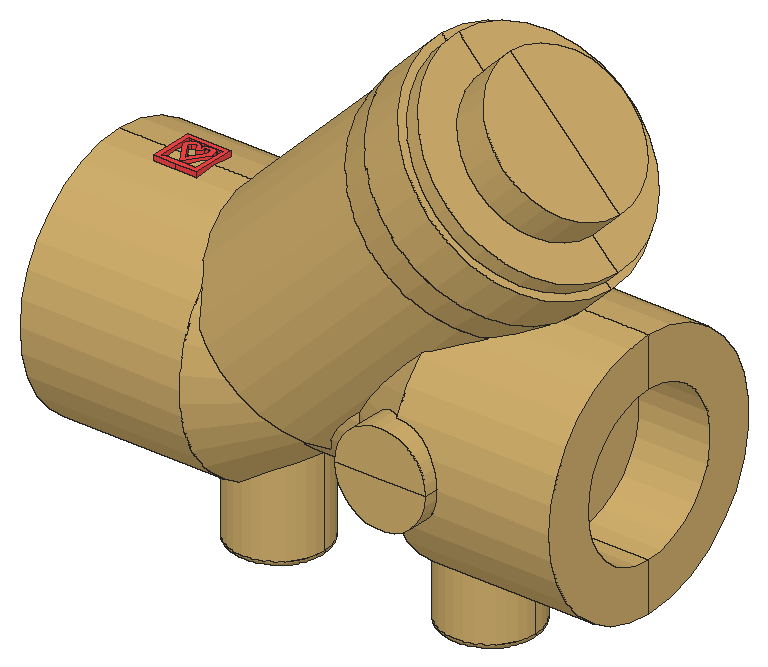
Revit family "Фильтр-грязевик 4111", category Rohrzubehör, Revit 2021
Family settings
  Bemaßung runder Anschluss = Durchmesser verwenden
  Teiletyp = Unterbricht
  OmniClass-Nummer = 23.65.55.14
  OmniClass-Titel = Valves for Liquid Services
  Arbeitsebenenbasiert = Nein
  Immer vertikal = Ja
  Beim Laden mit Abzugskörper schneiden = Nein
  Gemeinsam genutzt = Nein
Parameters
  Номер заказа [instance] = size_lookup("4111_", "Artnr", 0, Nennweite)  # 1411114
  Макс. рабочая температура = 110 °C  # constant formula
  W01 = 45.00°  # constant formula
  Vorgabe-Ansicht = 0.000 mm
  URL = "www.herz-armaturen.ru"
  Заглушка = "штампованная латунь CW 617N"  # constant formula
  Фильтрующий элемент = "нержавеющая сталь, размер ячейки 0,75 мм"  # constant formula
  SW02 [instance] = size_lookup("4111_", "SW2", 11.000 mm, Nennweite)  # 8.500 mm
  SW01 [instance] = size_lookup("4111_", "SW1", 16.000 mm, Nennweite)  # 16.000 mm
  SCTWSEQ = "AW;SBT_TYP_AW=\"112\";2"
  SCTWCODE = "04;16;02"  # constant formula
  SCRNSEQ = "AWI;AWI_TYP=\"1011\";2"
  SCRNCODE = "05;15;02"  # constant formula
  S01 [instance] = R01 * 2  # 52.000 mm
  R100 = 1.000 mm  # constant formula
  R10 [instance] = size_lookup("4111_", "R10", 8.500 mm, Nennweite)  # 6.950 mm
  R09 [instance] = size_lookup("4111_", "R9", 30.000 mm, Nennweite)  # 15.000 mm
  R08 [instance] = R07 - 1.500 mm  # 23.500 mm
  R07 [instance] = size_lookup("4111_", "R7", 46.500 mm, Nennweite)  # 25.000 mm
  R06 [instance] = size_lookup("4111_", "R6", 43.000 mm, Nennweite)  # 24.000 mm
  R05 [instance] = Nennweite / 2  # 16.000 mm
  R04 [instance] = size_lookup("4111_", "R4", 11.500 mm, Nennweite)  # 9.500 mm
  R03 = 9.500 mm  # constant formula
  R02 [instance] = Nennweite / 2  # 16.000 mm
  R01 [instance] = (Nennweite / 2) + 10.000 mm  # 26.000 mm
  PN [instance] = size_lookup("4111_", "PN", 16, Nennweite)  # 25
  Nennweite [instance] = 32.000 mm
  Среда = "Качество теплоносителя в соответствии с ÖNORM H5195 и/или предписаниями VDI-Standard 2035.\nРазрешается использование смеси этилен или пропиленгликоля в соотношении 25-50% с водой. Пожалуйста, обратитесь к документации производителя, при использовании этиленгликоля и пропиленгликоля в целях защиты от замерзания. Прокладки EPDM могут быть подвержены воздействию минеральных смазочных масел, что может служить причиной выхода из строя данных уплотнений."
  L16 [instance] = L03 - 4.500 mm  # 10.500 mm
  L15 [instance] = R01 - 1.000 mm  # 25.000 mm
  L14 [instance] = L06 - L08  # 7.300 mm
  L13 [instance] = size_lookup("4111_", "L13", 4.000 mm, Nennweite)  # 3.500 mm
  L12 = 0.800 mm  # constant formula
  L11 [instance] = size_lookup("4111_", "L11", 11.000 mm, Nennweite)  # 8.000 mm
  L10 = 3.500 mm  # constant formula
  L09 [instance] = size_lookup("4111_", "L9", 11.000 mm, Nennweite)  # 10.000 mm
  L08 [instance] = size_lookup("4111_", "L8", 35.000 mm, Nennweite)  # 52.700 mm
  L07 [instance] = size_lookup("4111_", "L7", 35.000 mm, Nennweite)  # 20.000 mm
  L06 [instance] = size_lookup("4111_", "L6", 118.000 mm, Nennweite) - L09  # 60.000 mm
  L05 [instance] = size_lookup("4111_", "L5", 44.000 mm, Nennweite)  # 27.500 mm
  L04 [instance] = size_lookup("4111_", "L4", 45.000 mm, Nennweite)  # 28.600 mm
  L03 = 15.000 mm  # constant formula
  L02 [instance] = size_lookup("4111_", "L2", 22.000 mm, Nennweite)  # 7.500 mm
  L01 [instance] = size_lookup("4111_", "L1", 48.000 mm, Nennweite)  # 33.000 mm
  L00 [instance] = size_lookup("4111_", "L", 180.000 mm, Nennweite)  # 110.000 mm
  Внутренняя резьба = "в соответствии с ISO 228-1"  # constant formula
  Hersteller = "Herz-Armaturen GmbH"  # constant formula
  H01 [instance] = size_lookup("4111_", "H1", 53.000 mm, Nennweite)  # 39.000 mm
  Корпус = "литая латунь, устойчивая к селективной цинковой коррозии, CC770S"  # constant formula
  Уплотнения = "EPDM"  # constant formula
  Область применения = "Фильтры устанавливаются с целью защиты клапанов от мелких частиц грязи в системах отопления и\nхолодоснабжения. Ароматические хлорированные углеводороды, такие как природный газ или продукты нефтепереработки, разрушают уплотнения из EPDM."
Reference planes
  plane 1 "Mitte (Vorne/hinten)": y = 0
  plane 2: z = 0
  plane 3 "Mitte (Links/rechts)": x = 0
Forms (mm)
  Revolve 1, solid, material "Messing", detail levels fine
    sketch origin (470, 0, 0) x (1, 0, 0) y (0, 0, 1)
      loop
        line (-525, 16) -> (-510, 16) -> (-510, 0) -> (-430, 0) -> (-430, 16) -> (-415, 16) -> (-415, 26) -> (-448, 26) -> (-462.5, 16) -> (-477.5, 16) -> (-492, 26) -> (-525, 26) -> (-525, 16)
      axis (-525, 0) -> (-415, 0)
    angle from 0 to 360
  Revolve 2, solid, material "Messing", detail levels fine
    sketch origin (470, 0, 0) x (1, 0, 0) y (0, 0, 1)
      loop
        line (-501.5, 0) -> (-501.5, -38)
        arc (-501.5, -38) -> (-501.207, -38.707) -> (-500.5, -39) r 1
        line (-500.5, -39) -> (-492, -39) -> (-492, 0) -> (-501.5, 0)
      axis (-492, 0) -> (-492, -39)
    angle from 0 to 360
  Revolve 3, solid, material "Messing", detail levels fine
    sketch origin (0, 0, 0) x (1, 0, 0) y (0, 1, 0)
      loop
        line (22, -28.6) -> (31.5, -28.6) -> (31.5, 27.5) -> (22, 27.5) -> (22, -28.6)
      axis (22, -28.6) -> (22, 27.5)
    angle from 0 to 360
  Revolve 4, solid, material "Messing", detail levels fine
    sketch origin (-470, 0, 0) x (-1, 0, 0) y (0, 0, 1)
      loop
        line (-501.5, 0) -> (-501.5, -38)
        arc (-501.5, -38) -> (-501.207, -38.707) -> (-500.5, -39) r 1
        line (-500.5, -39) -> (-492, -39) -> (-492, 0) -> (-501.5, 0)
      axis (-492, 0) -> (-492, -39)
    angle from 0 to 360
  Revolve 5, solid, material "Messing", detail levels fine
    sketch origin (0.32, 0, -0.105) x (1, 0, 0) y (0, 0, 1)
      loop
        line (-20.32, 0) -> (37.309, 57.629) -> (25.995, 68.943) -> (20.339, 63.286) -> (15.035, 68.589) -> (12.56, 66.114) -> (11.5, 67.175) -> (4.429, 60.104) -> (-0.026, 54.235) -> (-32.129, 22.132) -> (-31.634, 11.314) -> (-20.32, 0)
      axis (-20.32, 0) -> (37.309, 57.629)
    angle from 0 to 360
Lines and regions (mm)
  model lines, detail levels coarse+medium
    curve 1: line (-55, 0, 26) -> (55, 0, 26)
    curve 2: line (-55, 0, -26) -> (-55, 0, 26)
    curve 3: line (55, 0, -26) -> (-55, 0, -26)
    curve 4: line (55, 0, 26) -> (55, 0, -26)
    curve 6: line (-55, 26, 0) -> (55, 26, 0)
    curve 7: line (-55, -26, 0) -> (-55, 26, 0)
    curve 8: line (55, -26, 0) -> (-55, -26, 0)
    curve 9: line (55, 26, 0) -> (55, -26, 0)
    curve 10: line (55, -26, 0) -> (-55, 26, 0)
  symbolic lines, style "PipeAccessory"
    curve 5: line (55, 0, -26) -> (-55, 0, 26)
Dimensions and locks
  "H01": plane 2 to Revolve 2 sketch curve
  "L00": Revolve 1 sketch curve to Revolve 1 sketch curve
  equal spacing: Revolve 1 sketch curve, plane 3 "Mitte (Links/rechts)", Revolve 1 sketch curve
  "R01": Revolve 1 sketch curve to Revolve 1 sketch curve  (x2)
  "R02": Revolve 1 sketch curve to Revolve 1 sketch curve  (x3)
  "L01": Revolve 1 sketch curve to Revolve 1 sketch curve  (x2)
  "L02": plane 3 "Mitte (Links/rechts)" to Revolve 1 sketch curve
  "L02": Revolve 1 sketch curve to plane 3 "Mitte (Links/rechts)"
  "L03": Revolve 1 sketch curve to Revolve 1 sketch curve  (x2)
  "L01": Revolve 1 to Revolve 2 sketch curve
  "R03": Revolve 2 sketch curve to Revolve 2 sketch curve
  "L01": Revolve 4 sketch curve to Revolve 1
  "R03": Revolve 4 sketch curve to Revolve 4 sketch curve
  "H01": plane 2 to Revolve 4 sketch curve
  "L04": Revolve 3 sketch curve to plane 1 "Mitte (Vorne/hinten)"
  "L05": plane 1 "Mitte (Vorne/hinten)" to Revolve 3 sketch curve
  "R04": Revolve 3 sketch curve to Revolve 3 sketch curve
  "L01": Revolve 3 sketch curve to Revolve 1
  "SW01": Revolve 5 sketch curve to Revolve 5 sketch curve
  "R08": Revolve 5 sketch curve to Revolve 5 sketch curve
  "L10": Revolve 5 sketch curve to Revolve 5 sketch curve
  "L11": Revolve 5 sketch curve to Revolve 5 sketch curve
  "R07": Revolve 5 sketch curve to Revolve 5 sketch curve
  "L07": plane 3 "Mitte (Links/rechts)" to Revolve 5 sketch curve
  "R05": Revolve 5 sketch curve to Revolve 5 sketch curve
  "L06": Revolve 5 sketch curve to Revolve 5 sketch curve
  "L09": Revolve 5 sketch curve to Revolve 5 sketch curve
  "L08": Revolve 5 sketch curve to Revolve 5 sketch curve
  "R06": Revolve 5 sketch curve to Revolve 5 sketch curve
  "L14": Revolve 5 sketch curve to Revolve 5 sketch curve
  "L15": nested 1 to plane 2
  "L16": Revolve 1 to nested 1
  equal spacing: curve 7, plane 3 "Mitte (Links/rechts)", curve 9
  "L00": curve 7 to curve 9
  "S01": curve 6 to curve 8
  equal spacing: curve 4, plane 3 "Mitte (Links/rechts)", curve 2
  "L00": curve 4 to curve 2
  equal spacing: curve 1, plane 2, curve 3
  "S01": curve 1 to curve 3
  equal spacing: curve 8, plane 1 "Mitte (Vorne/hinten)", curve 6
  "R100": radius of Revolve 2 sketch curve
  "R100": radius of Revolve 4 sketch curve
  "W01": angle plane 2 to Revolve 5 sketch curve
  "W01": angle level to Revolve 5 sketch curve
  aligned and locked: level to plane 2
Automatic sketch dimensions
  Revolve 1 sketch curve to level = 0.000 mm  (x2)
  Revolve 1 sketch curve to Revolve 1 sketch curve = 791.990 mm
  Revolve 1 sketch curve to Revolve 1 sketch curve = 2278.983 mm
  Revolve 2 sketch curve to level = 0.000 mm  (x2)
  Revolve 2 sketch curve to Revolve 2 sketch curve = 0.000 mm
  Revolve 2 sketch curve to Revolve 2 sketch curve = 0.292 mm
  Revolve 3 sketch curve to Revolve 3 sketch curve = 0.000 mm  (x3)
  Revolve 4 sketch curve to level = 0.000 mm  (x2)
  Revolve 4 sketch curve to Revolve 4 sketch curve = 0.000 mm
  Revolve 4 sketch curve to Revolve 4 sketch curve = 0.292 mm
  Revolve 5 sketch curve to level = 0.105 mm
  Revolve 5 sketch curve to Revolve 5 sketch curve = 0.000 mm  (x2)
Nested families
  nested 1: "Herz-Logo" at (-39.982, 0, 25), type "Herz-Logo", detail levels fine
Connectors
  piping at (-40, 0, 0), diameter 32, driven by "Nennweite"
    settings: on Revolve 1, index 1, connector inside diameter 609.6 mm, connector length 0.000 mm, flow factor 0, pipe flow 0.0 L/s, pressure drop 0.0 Pa, fitting loss kfactor 0, connector angle 0.00°, fixture units 0, engagement length 0.000 mm, angle of deflection 0.00°, flow configuration 0, flow direction 1, fitting loss method 0, system type 29, joint type 0, gender type 0, connector reference index -1, connector utility 0, adjustable connector no, is connector primary yes, connector description ""
  piping at (40, 0, 0), diameter 32, driven by "Nennweite"
    settings: on Revolve 1, index 2, connector inside diameter 609.6 mm, connector length 0.000 mm, flow factor 0, pipe flow 0.0 L/s, pressure drop 0.0 Pa, fitting loss kfactor 0, connector angle 0.00°, fixture units 0, engagement length 0.000 mm, angle of deflection 0.00°, flow configuration 0, flow direction 2, fitting loss method 0, system type 29, joint type 0, gender type 0, connector reference index -1, connector utility 0, adjustable connector no, is connector primary no, connector description ""
Definition of nested family "Herz-Logo"
  Parameters (values of type "Herz-Logo")
    Default Elevation = 0.000 mm
  Reference planes
    plane 1 "Mitte (Vorne/hinten)": y = 0
    plane 2: z = 0
    plane 3 "Mitte (Links/rechts)": x = 0
  Forms (mm)
    Extrusion 1, solid
      sketch origin (0, 0, 0) x (1, 0, 0) y (0, 1, 0)
        loop
          line (-0.018, -4.517) -> (4.482, -4.517) -> (4.482, 4.483) -> (-4.518, 4.483) -> (-4.518, -4.517) -> (-0.018, -4.517)
        loop
          line (-0.05, -3.48) -> (3.482, -3.48) -> (3.482, 3.483) -> (-3.518, 3.483) -> (-3.518, -3.48) -> (-0.05, -3.48)
        loop
          arc (-0.018, 2.383) -> (-1.543, 3.287) -> (-3.067, 2.383) r 1.738
          arc (-3.067, 2.383) -> (-3.191, 1.899) -> (-3.067, 1.415) r 1.009
          line (-3.067, 1.415) -> (-0.018, -3.281) -> (3.032, 1.415)
          arc (3.032, 1.415) -> (3.156, 1.899) -> (3.032, 2.383) r 1.009
          arc (3.032, 2.383) -> (1.507, 3.287) -> (-0.018, 2.383) r 1.738
        loop
          arc (1.885, 1.272) -> (2.005, 1.675) -> (1.885, 2.079) r 0.74
          arc (1.885, 2.079) -> (1.265, 2.416) -> (0.644, 2.079) r 0.74
          line (0.644, 2.079) -> (-0.018, 0.97) -> (-0.679, 2.079)
          arc (-0.679, 2.079) -> (-1.3, 2.416) -> (-1.921, 2.079) r 0.74
          arc (-1.921, 2.079) -> (-2.04, 1.675) -> (-1.921, 1.272) r 0.74
          line (-1.921, 1.272) -> (-0.018, -1.658) -> (1.885, 1.272)
      from 0 to 1.5
  Dimensions and locks
    aligned and locked: level to plane 2
